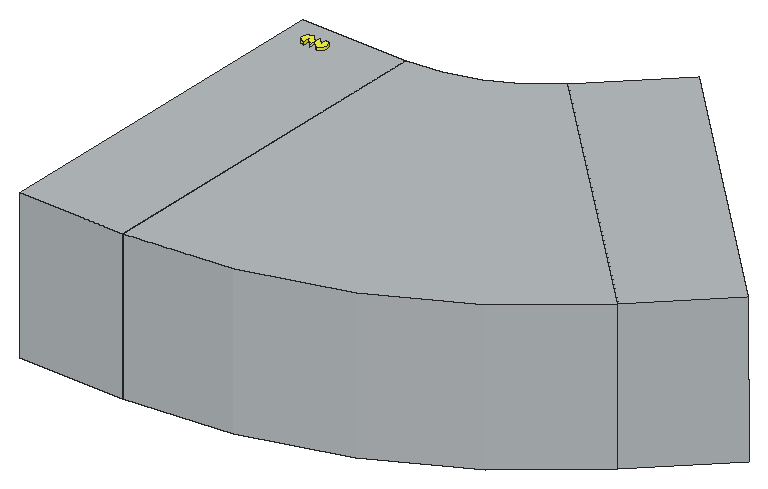
Revit family "NLRS_57_DUF_UN_instortkanaal-stromende-bocht_LT_velu", category Duct Fittings, Revit 2020
Family settings
  Round Connector Dimension = Use Diameter
  Part Type = Elbow
  Work Plane-Based = No
  Always vertical = Yes
  Cut with Voids When Loaded = No
  Shared = No
Parameters (values of type "Bocht radius stromend")
  t = 1.00 mm
  VELU_c01_hoogte [instance] = if(NLRS_M_c01_hoogte > 70.00 mm, 80.00 mm, 70.00 mm)  # 70.00 mm
  VELU_c01_breedte [instance] = if(VELU_c01_hoogte = 70.00 mm, 170.00 mm, if(NLRS_M_c01_breedte > 220.00 mm, 250.00 mm, if(NLRS_M_c01_breedte > 200.00 mm, 220.00 mm, if(NLRS_M_c01_breedte > 170.00 mm, 200.00 mm, 170.00 mm))))  # 170.00 mm
  VELU_Werkendelengte [instance] = (VELU_Model_Radius * tan(NLRS_C_hoek / 2)) * 2  # 140.833 mm
  VELU_Show_Warning [instance] = not(VELU_Correcte_Maatvoering)  # no
  VELU_Offset2 [instance] = VELU_Model_Radius * cos(VELU_Hoek / 2)  # 157.06 mm
  VELU_Offset1 [instance] = VELU_Model_Radius * sin(VELU_Hoek / 2)  # 65.056 mm
  VELU_Model_Radius [instance] = size_lookup(VELU_Article_Data, "R", 160.00 mm, VELU_Index1, VELU_c01_breedte, VELU_c01_hoogte)  # 170.00 mm
  VELU_Model [instance] = size_lookup(VELU_Article_Data, "Model", "NB", VELU_Index1, VELU_c01_breedte, VELU_c01_hoogte)  # "VIK Bocht stromend 170 x 70 45"
  VELU_Koppelbus_Li1 [instance] = size_lookup(VELU_Article_Data, "Li1", 50.00 mm, VELU_Index1, VELU_c01_breedte, VELU_c01_hoogte)  # 50.00 mm
  VELU_Index1 [instance] = if(NLRS_C_hoek = 30.00°, 1.00 mm, if(NLRS_C_hoek = 45.00°, 2.00 mm, if(NLRS_C_hoek = 60.00°, 3.00 mm, 4.00 mm)))  # 2.00 mm
  VELU_Hoek [instance] = if(NLRS_C_hoek < 37.50°, 30.00°, if(NLRS_C_hoek < 52.50°, 45.00°, if(NLRS_C_hoek < 75.00°, 60.00°, 90.00°)))  # 45.00°
  VELU_Gewicht [instance] = size_lookup(VELU_Article_Data, "kg", 0, VELU_Index1, VELU_c01_breedte, VELU_c01_hoogte) * 1.00 kg / 100  # 0.51 kg
  VELU_Foutmelding [instance] = if(VELU_Show_Warning, "Ongeldige (instort) maatvoering!", " ")  # " "
  VELU_Correcte_Maatvoering [instance] = (and(NLRS_M_c01_breedte = VELU_c01_breedte, NLRS_M_c01_hoogte = VELU_c01_hoogte, NLRS_C_hoek = VELU_Hoek))  # yes
  VELU_Calculation_Parameter [instance] = VELU_Werkendelengte / 2  # 70.416 mm
  VELU_Bim-site [instance] = "https://velu.nl/bim/"
  VELU_Artikel_code [instance] = size_lookup(VELU_Article_Data, "", "NB", VELU_Index1, VELU_c01_breedte, VELU_c01_hoogte)  # "5110000030"
  VELU_Article_Data = "BochtStromend"  # constant formula
  built-in parameter 1114242 [instance] = 1 = 0  # (empty or 0)
  URL = "https://webshop.velu.nl/overige-woningbouw-componenten/"
  Type Comments = "Enkel geschikt voor VELU instort kanaal maten"  # constant formula
  NLRS_M_c01_hoogte [instance] = 70.00 mm
  NLRS_M_c01_breedte [instance] = 170.00 mm
  NLRS_C_model [instance] = VELU_Model  # "VIK Bocht stromend 170 x 70 45"
  NLRS_C_hoek [instance] = 45.00°
  NLRS_C_description = Description  # "Velu Instort Kanaal: rechthoekige radius bocht"
  NLRS_C_content_versie = "3.20.01"  # constant formula
  NLRS_C_content_provider = "Velu Klimaattechnische Groothandel"  # constant formula
  NLRS_C_content_datum_gewijzigd = "19-01-2023"  # constant formula
  NLRS_C_content_creator = "J. Feeke"  # constant formula
  Model = "VIK Bocht Stromend"  # constant formula
  Manufacturer = "Velu Klimaattechnische Groothandel"  # constant formula
  Description = "Velu Instort Kanaal: rechthoekige radius bocht"  # constant formula
  Default Elevation = 0.00 mm
  Assembly Code = "57.00"
Reference planes
  plane 1 "Center (Front/Back)": y = 0
  plane 2: z = 0
  plane 3 "Center (Left/Right)": x = 0
  plane 4: y = 85
  plane 5: y = -85
  plane 6: y = 170
  plane 7: y = 86
  plane 8: y = -86
  plane 9: z = 35
  plane 10: z = -35
  plane 11: z = 36
  plane 12: z = -36
  plane 13: x = -50
  plane 14: x = 70.416
Forms (mm)
  Extrusion 1, solid, material "VELU_Label", not visible
    sketch origin (-547.644, -297.937, 0) x (1, 0, 0) y (0, 1, 0)
      loop
        arc (546.644, 298.937) -> (545.644, 297.937) -> (546.644, 296.937) r 1
        line (546.644, 296.937) -> (546.644, 297.937) -> (547.644, 296.937) -> (547.644, 297.937) -> (546.644, 298.937)
    from 0 to 1
  Extrusion 2, solid, material "VELU_Label", not visible
    sketch origin (0, 0, 0) x (1, 0, 0) y (0, 1, 0)
      loop
        arc (1, -1) -> (2, 0) -> (1, 1) r 1
        line (1, 1) -> (1, 0) -> (0, 1) -> (0, 0) -> (1, -1)
    from 0 to 1
  Sweep 3, solid, material "NLRS_57_sendzimir verzinkt_gen_sacs", detail levels medium+fine
    path in 3D
      loop
        arc (0, 0, 0) -> (65.056, 12.94, 0) -> (120.208, 49.792, 0) r 170
    profile "Body_rect : Body_rect" origin (65.056, 12.94, 0) x (-0.382683, 0.92388, 0) y (0, 0, 1)
      loop
        line (-86, 36) -> (-86, -36) -> (86, -36) -> (86, 36) -> (-86, 36)
  Sweep 4, solid, material "NLRS_57_sendzimir verzinkt_gen_sacs", detail levels medium+fine
    path in 3D
      loop
        line (181.019, -11.019, 36) -> (181.019, -11.019, -36) -> (59.397, 110.603, -36) -> (59.397, 110.603, 36) -> (181.019, -11.019, 36)
    profile "mof : mof" origin (120.208, 49.792, 36) x (0.707107, 0.707107, 0) y (0, 0, 1)
      loop
        line (0, 0) -> (0, -1) -> (50, -1) -> (50, 0) -> (0, 0)
  Sweep 5, solid, material "NLRS_57_sendzimir verzinkt_gen_sacs", detail levels medium+fine
    path in 3D
      loop
        line (0, 86, 36) -> (0, 86, -36) -> (0, -86, -36) -> (0, -86, 36) -> (0, 86, 36)
    profile "mof : mof" origin (0, 0, 36) x (-1, 0, 0) y (0, 0, 1)
      loop
        line (0, 0) -> (0, -1) -> (50, -1) -> (50, 0) -> (0, 0)
  Sweep 6, solid, not visible
    path in 3D
      loop
        arc (0, 0, 0) -> (65.056, 12.94, 0) -> (120.208, 49.792, 0) r 170
    profile origin (65.056, 12.94, 0) x (-0.382683, 0.92388, 0) y (0, 0, 1)
      loop
        circle (0, 0) r 1
Lines and regions (mm)
  model lines, detail levels coarse
    curve 1: arc (0, 0, 0) -> (65.056, 12.94, 0) -> (120.208, 49.792, 0) r 170
    curve 11: arc (0, 0, 0) -> (65.056, 12.94, 0) -> (120.208, 49.792, 0) r 170
  sketch lines
    curve 2: arc (0, 0, 0) -> (65.056, 12.94, 0) -> (120.208, 49.792, 0) r 170
    curve 3: line (59.397, 110.603, 36) -> (181.019, -11.019, 36)
    curve 4: line (59.397, 110.603, -36) -> (59.397, 110.603, 36)
    curve 5: line (181.019, -11.019, -36) -> (59.397, 110.603, -36)
    curve 6: line (181.019, -11.019, 36) -> (181.019, -11.019, -36)
    curve 7: line (0, -86, 36) -> (0, 86, 36)
    curve 8: line (0, -86, -36) -> (0, -86, 36)
    curve 9: line (0, 86, -36) -> (0, -86, -36)
    curve 10: line (0, 86, 36) -> (0, 86, -36)
    curve 12: arc (0, 0, 0) -> (65.056, 12.94, 0) -> (120.208, 49.792, 0) r 170
  model lines, style "DuctFittingCenterLine"
    curve 13: arc (0, 0, 0) -> (65.056, 12.94, 0) -> (120.208, 49.792, 0) r 170
Dimensions and locks
  equal spacing: plane 4, plane 1 "Center (Front/Back)", plane 5
  "VELU_c01_breedte": plane 4 to plane 5
  "VELU_Model_Radius": plane 1 "Center (Front/Back)" to plane 6
  locked: plane 5 to plane 8 at 1
  locked: plane 7 to plane 4 at 1
  equal spacing: plane 9, level, plane 10
  "NLRS_M_c01_hoogte": plane 9 to plane 10
  locked: plane 10 to plane 12 at 1
  locked: plane 11 to plane 9 at 1
  "VELU_Koppelbus_Li1": plane 13 to plane 3 "Center (Left/Right)"
  locked: plane 13 to nested 1 at 15
  locked: plane 7 to nested 1 at 11.5
  "VELU_Calculation_Parameter": plane 3 "Center (Left/Right)" to plane 14
  "VELU_Offset1": plane 3 "Center (Left/Right)" to nested 2
  "VELU_Offset2": plane 6 to nested 2
  "VELU_Model_Radius": radius of curve 1
  "VELU_Model_Radius": radius of curve 11
  "VELU_Model_Radius": radius of curve 13
  "NLRS_C_hoek": angle curve 11 to curve 11
  "VELU_Hoek": angle curve 1 to curve 1
  "VELU_Hoek": angle curve 13 to curve 13
  aligned and locked: level to plane 2
  aligned and locked: plane 3 "Center (Left/Right)" to curve 1  (x2)
  aligned and locked: plane 6 to curve 1
  aligned and locked: nested 1 to plane 11
  aligned and locked: plane 3 "Center (Left/Right)" to curve 11  (x2)
  aligned and locked: plane 1 "Center (Front/Back)" to curve 11
  aligned and locked: plane 6 to curve 13
  aligned and locked: plane 3 "Center (Left/Right)" to curve 13
Automatic sketch dimensions
  plane 1 "Center (Front/Back)" to Extrusion 1 sketch curve = 0.00 mm  (x3)
  Extrusion 1 sketch curve to plane 3 "Center (Left/Right)" = 0.00 mm
  Extrusion 1 sketch curve to plane 3 "Center (Left/Right)" = 1.00 mm
  Extrusion 1 sketch curve to Extrusion 1 sketch curve = 1.00 mm  (x2)
  plane 1 "Center (Front/Back)" to Extrusion 2 sketch curve = 0.00 mm  (x3)
  Extrusion 2 sketch curve to plane 3 "Center (Left/Right)" = 0.00 mm
  plane 3 "Center (Left/Right)" to Extrusion 2 sketch curve = 1.00 mm
  Extrusion 2 sketch curve to Extrusion 2 sketch curve = 1.00 mm
  Extrusion 2 sketch curve to Extrusion 2 sketch curve = 0.00 mm
  Sweep 6 sketch curve to profile plane = 0.00 mm
  profile plane to Sweep 6 sketch curve = 0.00 mm
  radius of Sweep 6 sketch curve = 1.00 mm
Nested families
  nested 1: "logo_single" at (-35, 74.5, 36), type "logo_single", detail levels medium+fine
  nested 2: "Warning_R20" at (65.056, 12.94, 0), visible <- "VELU_Show_Warning", type "Warning_R20"
Connectors
  hvac at (0, 0, 0), driven by "VELU_c01_hoogte", driven by "NLRS_M_c01_breedte", driven by "NLRS_C_hoek"
    settings: on Sweep 3, index 1, duct flow 0.0 L/s, flow factor 0, pres drop 0.0 Pa, loss coef 0, conn angle 45.00°, conn width 170 mm, conn height 70 mm, conn diameter 609.6 mm, duct sys type 28, conn prof type 1, flow config 0, flow direction 0, loss method 0, conn ref index 2, conn util no, is conn primary yes, conn desc ""
  hvac at (120.208, 49.792, 0), driven by "NLRS_M_c01_hoogte", driven by "NLRS_M_c01_breedte", driven by "NLRS_C_hoek"
    settings: on Sweep 6, index 2, duct flow 0.0 L/s, flow factor 0, pres drop 0.0 Pa, loss coef 0, conn angle 45.00°, conn width 170 mm, conn height 70 mm, conn diameter 609.6 mm, duct sys type 28, conn prof type 1, flow config 0, flow direction 0, loss method 0, conn ref index 1, conn util no, is conn primary no, conn desc ""
Definition of nested family "logo_single"
  Parameters (values of type "logo_single")
    t = 3.00 mm
    Model = ""
    Description = ""
    Default Elevation = 0.00 mm
  Reference planes
    plane 1 "Center (Front/Back)": y = 0
    plane 2: z = 0
    plane 3 "Center (Left/Right)": x = 0
    plane 4: x = -6
    plane 5: y = -3
    plane 6: y = 3
    plane 7: x = -3
    plane 8: x = 3
    plane 9: x = 6
  Forms (mm)
    Extrusion 1, solid
      sketch origin (-547.644, -297.937, 0) x (1, 0, 0) y (0, 1, 0)
        loop
          arc (544.644, 300.937) -> (541.644, 297.937) -> (544.644, 294.937) r 3
          line (544.644, 294.937) -> (544.644, 297.937) -> (547.644, 294.937) -> (547.644, 297.937) -> (544.644, 300.937)
      from 0 to 1
    Extrusion 2, solid
      sketch origin (0, 0, 0) x (1, 0, 0) y (0, 1, 0)
        loop
          arc (3, -3) -> (6, 0) -> (3, 3) r 3
          line (3, 3) -> (3, 0) -> (0, 3) -> (0, 0) -> (3, -3)
      from 0 to 1
  Dimensions and locks
    "t": plane 6 to plane 1 "Center (Front/Back)"
    "t": plane 5 to plane 1 "Center (Front/Back)"
    "t": plane 4 to plane 7
    "t": plane 7 to plane 3 "Center (Left/Right)"
    "t": plane 3 "Center (Left/Right)" to plane 8
    "t": plane 8 to plane 9
    aligned and locked: level to plane 2
  Automatic sketch dimensions
    plane 1 "Center (Front/Back)" to Extrusion 1 sketch curve = 0.00 mm  (x3)
    Extrusion 1 sketch curve to plane 7 = 0.00 mm
    Extrusion 1 sketch curve to plane 6 = 0.00 mm
    Extrusion 1 sketch curve to plane 3 "Center (Left/Right)" = 0.00 mm
    Extrusion 1 sketch curve to plane 5 = 0.00 mm
    Extrusion 2 sketch curve to plane 3 "Center (Left/Right)" = 0.00 mm
    plane 1 "Center (Front/Back)" to Extrusion 2 sketch curve = 0.00 mm  (x3)
    Extrusion 2 sketch curve to plane 5 = 0.00 mm
    Extrusion 2 sketch curve to plane 8 = 0.00 mm
    Extrusion 2 sketch curve to plane 6 = 0.00 mm
Definition of nested family "Warning_R20"
  Parameters (values of type "Warning_R20")
    TW = 51.60 mm * Scale  # 51.60 mm
    TH = 75.00 mm * Scale  # 75.00 mm
    Scale = 1
    CO = 50.00 mm * Scale  # 50.00 mm
    CD = 50.00 mm * Scale  # 50.00 mm
    BW = 40.00 mm * Scale  # 40.00 mm
    BH = 12.00 mm * Scale  # 12.00 mm
  Reference planes
    plane 1 "Center (Front/Back)": y = 0
    plane 2: z = 0
    plane 3 "Center (Left/Right)": x = 0
  Lines and regions (mm)
    Filled region 1, type "Solid Fill - Black", in view "Ref. Level"
      outline origin (0, 0, 0) x (1, 0, 0) y (0, 1, 0)
        loop
          line (-25.8, 75) -> (-20, -12) -> (20, -12) -> (25.8, 75) -> (-25.8, 75)
        loop
          circle (0, -50) r 25
  Dimensions and locks
    equal spacing: Filled region 1 sketch curve, plane 3 "Center (Left/Right)", Filled region 1 sketch curve  (x2)
    "TH": plane 1 "Center (Front/Back)" to Filled region 1 sketch curve
    "BH": Filled region 1 sketch curve to plane 1 "Center (Front/Back)"
    "CO": Filled region 1 sketch curve to plane 1 "Center (Front/Back)"
    "TW": Filled region 1 sketch curve to Filled region 1 sketch curve
    "BW": Filled region 1 sketch curve to Filled region 1 sketch curve
    "CD": diameter of Filled region 1 sketch curve
    aligned and locked: plane 3 "Center (Left/Right)" to Filled region 1 sketch curve
